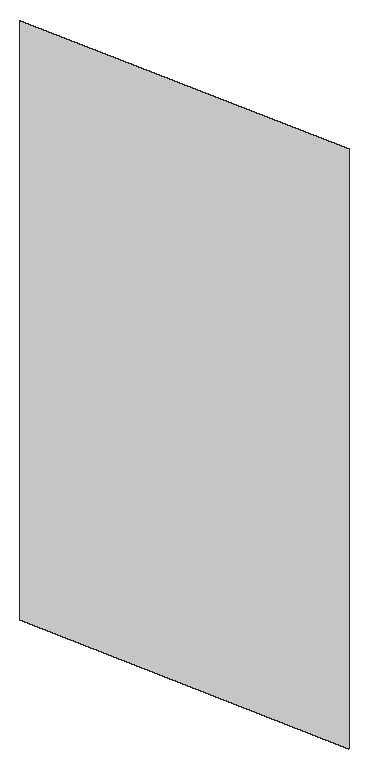
Revit family "PKNail Telephone Outlet", category Electrical Fixtures, host Wall, Revit 2017
Family settings
  Host = Wall
  Maintain Annotation Orientation = No
  Round Connector Dimension = Use Diameter
  Part Type = Normal
  OmniClass Number = 23.80.50.11.11
  OmniClass Title = Receptacle Terminal Units
  Always vertical = Yes
  Cut with Voids When Loaded = No
  Shared = No
  Room Calculation Point = No
Parameters (values of type "Telephone Outlet")
  Width = 0' - 2 3/4"
  PKNail Family Measure Location Centered = yes
  PKNail Family Instance Elevation [instance] = 0' - 10"
  PKNail Family Fixed Dimensions = "Width:Height"
  Label = "TEL"
  Height = 0' - 4 1/2"
  Material = Plastic - White
Reference planes (in)
  plane 1: y = 0
  plane 2 "Center (Left/Right)": x = 0
  plane 3 "Back": y = 3
  plane 4 "Left": x = -1.375
  plane 5 "Right": x = 1.375
  plane 6: z = 9.75
  plane 7: z = 14.25
  plane 8 "Center (Elevation)": z = 12
  plane 9: y = 3.1875
  plane 10: y = 3.25
  plane 11: z = 2
Forms (in)
  Blend 1, solid, material "Plastic - White" <- "Material"
    base sketch origin (0, 3, 0) x (1, 0, 0) y (0, 0, 1)
      loop
        line (1.375, 14.25) -> (-1.375, 14.25) -> (-1.375, 9.75) -> (1.375, 9.75) -> (1.375, 14.25)
    top sketch origin (0, 3, 0) x (1, 0, 0) y (0, 0, 1)
      loop
        line (1.1875, 14.0625) -> (-1.1875, 14.0625) -> (-1.1875, 9.9375) -> (1.1875, 9.9375) -> (1.1875, 14.0625)
    from 0 to -0.1875
Lines and regions (in)
  model lines, style "InvisibleLines"
    curve 1: line (0, 3, 9.75) -> (0, 3, 2)
Text (in)
  text "Placement Side" at (0, 40.15149, 123.01588), in view "Right"
  text "Placement Side" at (0, 47.49176, 140.59947), in view "Left"
Dimensions and locks (in)
  locked: plane 3 "Back" to host wall
  "Height": plane 6 to plane 7
  "Width": plane 5 "Right" to plane 4 "Left"
  equal spacing: plane 5 "Right", plane 2 "Center (Left/Right)", plane 4 "Left"
  equal spacing: plane 6, plane 8 "Center (Elevation)", plane 7
  locked: plane 3 "Back" to plane 9 at 0.1875
  locked: plane 9 to plane 10 at 0.0625
  "PKNail Family Instance Elevation": plane 11 to plane 8 "Center (Elevation)"
  aligned and locked: plane 6 to Blend 1 sketch curve
  aligned and locked: plane 5 "Right" to Blend 1 sketch curve
  aligned and locked: Blend 1 sketch curve to plane 7
  aligned and locked: plane 3 "Back" to nested 1
  aligned and locked: Blend 1 to curve 1
  aligned and locked: curve 1 to plane 2 "Center (Left/Right)"
Automatic sketch dimensions
  plane 4 "Left" to Blend 1 sketch curve = 0' - 0 3/16"
  Blend 1 sketch curve to plane 5 "Right" = 0' - 0 3/16"
  Blend 1 sketch curve to plane 6 = 0' - 0 3/16"
  plane 7 to Blend 1 sketch curve = 0' - 0 3/16"
  Blend 1 sketch curve to plane 4 "Left" = 0' - 0"
  curve 1 to plane 11 = 0' - 0"
Nested families (in)
  nested 1: "Outlet Annotation2" at (-0.0036, 3, 0), type "Outlet Annotation2"
Definition of nested family "Outlet Annotation2"
  Parameters
    Label = "TV"
  Reference planes (in)
    plane 1: y = 0
    plane 2: x = 0
  Lines and regions (in)
    detail lines
      curve 1: line (0, 0.01567, 0) -> (0, 0.10936, 0)
      curve 2: line (-0.0625, 0.23436, 0) -> (0.0625, 0.23436, 0)
      curve 3: line (-0.0625, 0.10936, 0) -> (-0.0625, 0.23436, 0)
      curve 4: line (0.0625, 0.10936, 0) -> (-0.0625, 0.10936, 0)
      curve 5: line (0.0625, 0.23436, 0) -> (0.0625, 0.10936, 0)
  Text (in)
    label "Label" at (-0.00005, 0.17151, 0), shows "Label"
